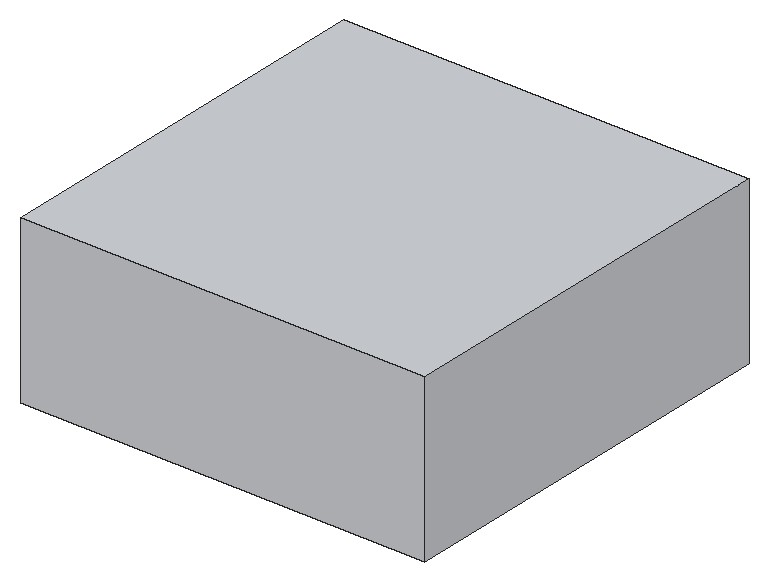
Revit family "GPC-M_Conduit Junction Box - Cross - Aluminum", category Conduit Fittings, Revit 2025
Family settings
  Round Connector Dimension = Use Radius
  Part Type = Cross
  OmniClass Number = 23.80.30.17.11
  OmniClass Title = Conduits
  Work Plane-Based = No
  Always vertical = Yes
  Cut with Voids When Loaded = No
  Shared = No
Parameters (values of type "5"x5"")
  Width [instance] = Length  # 127 mm
  TamañoFijo [instance] = yes
  Nominal Radius 4 [instance] = 8 mm
  Nominal Radius 3 [instance] = 8 mm
  Nominal Radius 2 [instance] = 8 mm
  Nominal Radius 1 [instance] = 8 mm
  Nominal Diameter 4 [instance] = Nominal Radius 4 * 2  # 16 mm
  Nominal Diameter 3 [instance] = Nominal Radius 3 * 2  # 16 mm
  Nominal Diameter 2 [instance] = Nominal Radius 2 * 2  # 16 mm
  Nominal Diameter 1 [instance] = Nominal Radius 1 * 2  # 16 mm
  Max Nominal Diameter 34 [instance] = if(Nominal Diameter 3 > Nominal Diameter 4, Nominal Diameter 3, Nominal Diameter 4)  # 16 mm
  Max Nominal Diameter 1234 [instance] = if(Max Nominal Diameter 12 > Max Nominal Diameter 34, Max Nominal Diameter 12, Max Nominal Diameter 34)  # 16 mm
  Max Nominal Diameter 12 [instance] = if(Nominal Diameter 1 > Nominal Diameter 2, Nominal Diameter 1, Nominal Diameter 2)  # 16 mm
  LengthOverride [instance] = 127 mm
  Height [instance] = if(not(Max Nominal Diameter 1234 > 27 mm), 52 mm, if(Max Nominal Diameter 1234 < 155 mm, 152 mm, Max Nominal Diameter 1234 * 1.2))  # 52 mm
  Length [instance] = if(TamañoFijo, LengthOverride, if(not(Max Nominal Diameter 1234 > 27 mm), 116 mm, 6 * Max Nominal Diameter 1234))  # 127 mm
  Default Elevation = 0 mm
Types (2, lengths in mm): name | Width | TamañoFijo | LengthOverride | Length
  Standard | 116 | no | 0 | 116
  5"x5" | 127 | yes | 127 | 127
Reference planes
  plane 1 "Center (Front/Back)": y = 0
  plane 2: z = 0
  plane 3 "Center (Left/Right)": x = 0
  plane 4: x = -63.5
  plane 5: x = 63.5
  plane 6: y = 63.5
  plane 7: y = -63.5
  plane 8: z = 26
  plane 9: z = -26
Forms (mm)
  Extrusion 1, solid
    sketch origin (0, 0, 0) x (1, 0, 0) y (0, 1, 0)
      loop
        line (-63.5, 63.5) -> (-63.5, -63.5) -> (63.5, -63.5) -> (63.5, 63.5) -> (-63.5, 63.5)
    from -26 to 26
Dimensions and locks
  equal spacing: plane 4, plane 3 "Center (Left/Right)", plane 5
  "Length": plane 4 to plane 5
  equal spacing: plane 6, plane 1 "Center (Front/Back)", plane 7
  "Width": plane 6 to plane 7
  equal spacing: plane 8, plane 2, plane 9
  "Height": plane 8 to plane 9
  aligned and locked: Extrusion 1 sketch curve to plane 6
  aligned and locked: plane 4 to Extrusion 1 sketch curve
  aligned and locked: plane 7 to Extrusion 1 sketch curve
  aligned and locked: Extrusion 1 sketch curve to plane 5
  aligned and locked: Extrusion 1 to plane 9
  aligned and locked: plane 8 to Extrusion 1
Connectors
  cabletrayconduit at (-63.5, 0, 0), diameter 16, driven by "Nominal Radius 1"
    settings: on Extrusion 1, index 1, connector width 304.8 mm, connector height 304.8 mm, connector angle 0.00°, system type 32, placement type 0, profile type 0, connector reference index 2, is primary connector yes, connector utility param no, connector description ""
  cabletrayconduit at (63.5, 0, 0), diameter 16, driven by "Nominal Radius 2"
    settings: on Extrusion 1, index 2, connector width 304.8 mm, connector height 304.8 mm, connector angle 0.00°, system type 32, placement type 0, profile type 0, connector reference index 1, is primary connector no, connector utility param no, connector description ""
  cabletrayconduit at (0, -63.5, 0), diameter 16, driven by "Nominal Radius 3"
    settings: on Extrusion 1, index 3, connector width 304.8 mm, connector height 304.8 mm, connector angle 0.00°, system type 32, placement type 0, profile type 0, connector reference index 4, is primary connector no, connector utility param no, connector description ""
  cabletrayconduit at (0, 63.5, 0), diameter 16, driven by "Nominal Radius 4"
    settings: on Extrusion 1, index 4, connector width 304.8 mm, connector height 304.8 mm, connector angle 0.00°, system type 32, placement type 0, profile type 0, connector reference index 3, is primary connector no, connector utility param no, connector description ""
